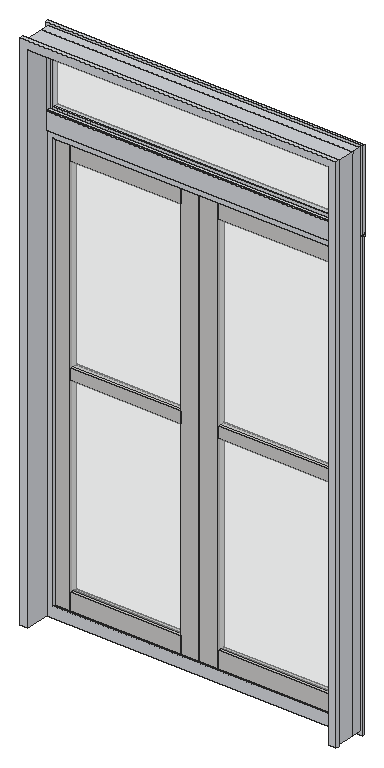
Revit family "APL Residential Thermal Heart French Door with Overlight Open Out", category Doors, host Wall, Revit 2017 (continued)
Definition of nested family "APL Residential Thermal Heart French Door with Overlight Open Out Vertical Section"
  Definition of nested family "Overlight Open Out Detail"
    Definition of nested family "65190_Coupling Bar"
      Lines and regions (mm)
        model lines, in view "Ref. Level"
          curve 266: line (0.154, 55.771, 0) -> (2.1, 53.435, 0)
          curve 267: line (2.484, 53.255, 0) -> (3.3, 53.255, 0)
          curve 268: line (3.5, 53.455, 0) -> (3.5, 53.705, 0)
          curve 269: line (3.309, 54.269, 0) -> (2.544, 55.523, 0)
          curve 270: line (2.544, 55.523, 0) -> (2.5, 56.2, 0)
          curve 271: line (2.75, 56.394, 0) -> (3.5, 56.2, 0)
          curve 272: line (3.475, 56.207, 0) -> (6.753, 56.2, 0)
          curve 273: arc (6.753, 56.2, 0) -> (6.875, 56.227, 0) -> (6.976, 56.3, 0) r 0.3
          curve 274: arc (6.976, 56.3, 0) -> (7.307, 56.381, 0) -> (7.5, 56.1, 0) r 0.3
          curve 275: arc (3.4, 41.4, 0) -> (3.117, 41.518, 0) -> (3, 41.8, 0) r 0.4
          curve 276: arc (3, 42.093, 0) -> (3.014, 42.197, 0) -> (3.054, 42.293, 0) r 0.4
          curve 277: arc (3.938, 43.821, 0) -> (4.059, 44.111, 0) -> (4.1, 44.423, 0) r 1.2
          curve 278: arc (4.1, 45.345, 0) -> (4.281, 45.919, 0) -> (4.758, 46.285, 0) r 1
          curve 279: arc (6.937, 47.078, 0) -> (7.128, 47.224, 0) -> (7.2, 47.454, 0) r 0.4
          curve 280: arc (7.2, 50.147, 0) -> (7.128, 50.377, 0) -> (6.937, 50.523, 0) r 0.4
          curve 281: arc (4.758, 51.316, 0) -> (4.281, 51.682, 0) -> (4.1, 52.256, 0) r 1
          curve 282: arc (4.1, 53.178, 0) -> (4.059, 53.489, 0) -> (3.938, 53.779, 0) r 1.2
          curve 283: arc (3.054, 55.307, 0) -> (3.014, 55.404, 0) -> (3, 55.508, 0) r 0.4
          curve 284: arc (3, 55.8, 0) -> (3.117, 56.083, 0) -> (3.4, 56.2, 0) r 0.4
          curve 285: arc (6.8, 56.2, 0) -> (7.083, 56.083, 0) -> (7.2, 55.8, 0) r 0.4
          curve 286: arc (7.2, 55.508, 0) -> (7.186, 55.404, 0) -> (7.146, 55.307, 0) r 0.4
          curve 287: arc (6.261, 53.779, 0) -> (6.14, 53.485, 0) -> (6.1, 53.17, 0) r 1.2
          curve 288: arc (6.1, 53.17, 0) -> (6.153, 52.996, 0) -> (6.297, 52.884, 0) r 0.3
          curve 289: arc (8.737, 51.996, 0) -> (8.928, 51.85, 0) -> (9, 51.62, 0) r 0.4
          curve 290: arc (9, 45.98, 0) -> (8.928, 45.751, 0) -> (8.737, 45.605, 0) r 0.4
          curve 291: arc (6.297, 44.717, 0) -> (6.153, 44.605, 0) -> (6.1, 44.431, 0) r 0.3
          curve 292: arc (6.1, 44.431, 0) -> (6.14, 44.115, 0) -> (6.261, 43.821, 0) r 1.2
          curve 293: arc (7.146, 42.293, 0) -> (7.186, 42.197, 0) -> (7.2, 42.093, 0) r 0.4
          curve 294: arc (7.2, 41.8, 0) -> (7.083, 41.518, 0) -> (6.8, 41.4, 0) r 0.4
          curve 295: line (3, 41.8, 0) -> (3, 42.093, 0)
          curve 296: line (3.054, 42.293, 0) -> (3.938, 43.821, 0)
          curve 297: line (4.1, 44.423, 0) -> (4.1, 45.345, 0)
          curve 298: line (4.758, 46.285, 0) -> (6.937, 47.078, 0)
          curve 299: line (7.2, 47.454, 0) -> (7.2, 50.147, 0)
          curve 300: line (6.937, 50.523, 0) -> (4.758, 51.316, 0)
          curve 301: line (4.1, 52.256, 0) -> (4.1, 53.178, 0)
          curve 302: line (3.938, 53.779, 0) -> (3.054, 55.307, 0)
          curve 303: line (3, 55.508, 0) -> (3, 55.8, 0)
          curve 304: line (3.4, 56.2, 0) -> (6.8, 56.2, 0)
          curve 305: line (7.2, 55.8, 0) -> (7.2, 55.508, 0)
          curve 306: line (7.146, 55.307, 0) -> (6.261, 53.779, 0)
          curve 307: line (6.297, 52.884, 0) -> (8.737, 51.996, 0)
          curve 308: line (9, 51.62, 0) -> (9, 45.98, 0)
          curve 309: line (8.737, 45.605, 0) -> (6.297, 44.717, 0)
          curve 310: line (6.261, 43.821, 0) -> (7.146, 42.293, 0)
          curve 311: line (7.2, 42.093, 0) -> (7.2, 41.8, 0)
          curve 312: line (6.8, 41.4, 0) -> (3.4, 41.4, 0)
      Text (mm)
        text "05190" at (19.368, 96.122, 0), in view "Ref. Level"
    Definition of nested family "65180_Sidelight Frame"
      Reference planes
        plane 1 "Center (Front/Back)": y = 0
        plane 2: z = 0
        plane 3 "Center (Left/Right)": x = 0
      Lines and regions (mm)
        model lines, in view "Ref. Level"
          curve 1: arc (13.922, -26.595, 0) -> (14.008, -26.535, 0) -> (14.108, -26.508, 0) r 0.3
          curve 2: arc (16.474, -26.301, 0) -> (16.738, -26.417, 0) -> (16.782, -26.703, 0) r 0.3
          curve 3: arc (16.268, -28.113, 0) -> (16.181, -28.239, 0) -> (16.043, -28.305, 0) r 0.3
          curve 4: arc (16.043, -28.305, 0) -> (15.801, -28.578, 0) -> (16, -28.883, 0) r 0.3
          curve 5: arc (16, -33, 0) -> (15.941, -33.141, 0) -> (15.8, -33.2, 0) r 0.2
          curve 6: arc (15.5, -33.2, 0) -> (15.2, -33.12, 0) -> (14.98, -32.9, 0) r 0.6
          curve 7: arc (14.345, -31.8, 0) -> (14.272, -31.727, 0) -> (14.172, -31.7, 0) r 0.2
          curve 8: arc (-2.699, -31.7, 0) -> (-3.407, -31.993, 0) -> (-3.7, -32.7, 0) r 1
          curve 9: arc (-3.7, -34.764, 0) -> (-3.662, -34.956, 0) -> (-3.554, -35.118, 0) r 0.5
          curve 10: arc (1.791, -40.463, 0) -> (2.1, -40.673, 0) -> (2.463, -40.755, 0) r 1
          curve 11: arc (14.935, -41.178, 0) -> (15.052, -41.143, 0) -> (15.127, -41.047, 0) r 0.2
          curve 12: arc (15.127, -41.047, 0) -> (15.234, -40.879, 0) -> (15.403, -40.775, 0) r 0.45
          curve 13: arc (15.403, -40.775, 0) -> (15.522, -40.771, 0) -> (15.621, -40.835, 0) r 0.2
          curve 14: arc (16, -42.3, 0) -> (15.941, -42.441, 0) -> (15.8, -42.5, 0) r 0.2
          curve 15: arc (2.243, -42.5, 0) -> (1.095, -42.272, 0) -> (0.121, -41.621, 0) r 3
          curve 16: arc (-4.121, -37.379, 0) -> (-5.095, -36.728, 0) -> (-6.243, -36.5, 0) r 3
          curve 17: arc (-19, -36.5, 0) -> (-19.707, -36.207, 0) -> (-20, -35.5, 0) r 1
          curve 18: arc (-20, -29.708, 0) -> (-19.944, -29.561, 0) -> (-19.8, -29.5, 0) r 0.2
          curve 19: arc (-19, -29.5, 0) -> (-18.859, -29.559, 0) -> (-18.8, -29.7, 0) r 0.2
          curve 20: arc (-18.8, -29.995, 0) -> (-18.547, -30.43, 0) -> (-18.044, -30.424, 0) r 0.5
          curve 21: arc (-18.044, -30.424, 0) -> (-16.297, -30.007, 0) -> (-14.624, -30.663, 0) r 3
          curve 22: arc (-14.624, -30.663, 0) -> (-14.512, -31.7, 0) -> (-15.549, -31.812, 0) r 0.737
          curve 23: arc (-15.549, -31.812, 0) -> (-16.505, -31.475, 0) -> (-17.461, -31.812, 0) r 1.525
          curve 24: arc (-17.461, -31.812, 0) -> (-17.612, -31.906, 0) -> (-17.78, -31.961, 0) r 0.737
          curve 25: arc (-17.78, -31.961, 0) -> (-17.992, -32.058, 0) -> (-18.137, -32.24, 0) r 0.5
          curve 26: arc (-18.137, -32.24, 0) -> (-18.305, -33, 0) -> (-18.136, -33.76, 0) r 1.8
          curve 27: arc (-18.136, -33.76, 0) -> (-17.992, -33.942, 0) -> (-17.781, -34.039, 0) r 0.5
          curve 28: arc (-17.781, -34.039, 0) -> (-17.613, -34.094, 0) -> (-17.462, -34.187, 0) r 0.75
          curve 29: arc (-17.462, -34.187, 0) -> (-16.505, -34.525, 0) -> (-15.548, -34.187, 0) r 1.525
          curve 30: arc (-15.548, -34.187, 0) -> (-14.677, -34.143, 0) -> (-14.353, -34.952, 0) r 0.75
          curve 31: arc (-14.353, -34.952, 0) -> (-14.316, -35.123, 0) -> (-14.159, -35.2, 0) r 0.2
          curve 32: arc (-6.7, -35.2, 0) -> (-6.346, -35.053, 0) -> (-6.2, -34.7, 0) r 0.5
          curve 33: arc (-6.2, -32.7, 0) -> (-5.175, -30.225, 0) -> (-2.7, -29.2, 0) r 3.5
          curve 34: arc (-0.2, -29.2, 0) -> (-0.059, -29.141, 0) -> (0, -29, 0) r 0.2
          curve 35: arc (0, -28.883, 0) -> (0.199, -28.578, 0) -> (-0.043, -28.305, 0) r 0.3
          curve 36: arc (-0.043, -28.305, 0) -> (-0.181, -28.239, 0) -> (-0.268, -28.113, 0) r 0.3
          curve 37: arc (-0.782, -26.703, 0) -> (-0.738, -26.417, 0) -> (-0.474, -26.301, 0) r 0.3
          curve 38: arc (1.892, -26.508, 0) -> (1.992, -26.535, 0) -> (2.078, -26.595, 0) r 0.3
          curve 39: arc (2.441, -26.959, 0) -> (2.493, -27.152, 0) -> (2.352, -27.293, 0) r 0.2
          curve 40: arc (2.184, -27.338, 0) -> (2.095, -27.39, 0) -> (2.043, -27.479, 0) r 0.2
          curve 41: arc (1.5, -29.7, 0) -> (1.693, -29.98, 0) -> (2.024, -29.9, 0) r 0.3
          curve 42: arc (2.024, -29.9, 0) -> (2.125, -29.826, 0) -> (2.247, -29.8, 0) r 0.3
          curve 43: arc (6.25, -29.994, 0) -> (6.422, -29.958, 0) -> (6.5, -29.8, 0) r 0.2
          curve 44: arc (6.5, -29.279, 0) -> (6.489, -29.198, 0) -> (6.456, -29.123, 0) r 0.3
          curve 45: arc (5.691, -27.869, 0) -> (5.521, -27.872, 0) -> (5.389, -27.766, 0) r 0.25
          curve 46: arc (5.337, -27.68, 0) -> (5.332, -27.428, 0) -> (5.55, -27.3, 0) r 0.25
          curve 47: arc (7.125, -27.3, 0) -> (7.522, -27.382, 0) -> (7.854, -27.615, 0) r 1
          curve 48: arc (7.854, -27.615, 0) -> (8, -27.678, 0) -> (8.146, -27.615, 0) r 0.2
          curve 49: arc (8.146, -27.615, 0) -> (8.477, -27.382, 0) -> (8.874, -27.3, 0) r 1
          curve 50: arc (10.45, -27.3, 0) -> (10.668, -27.427, 0) -> (10.663, -27.68, 0) r 0.25
          curve 51: arc (10.611, -27.766, 0) -> (10.479, -27.872, 0) -> (10.309, -27.869, 0) r 0.25
          curve 52: arc (9.544, -29.123, 0) -> (9.511, -29.198, 0) -> (9.5, -29.279, 0) r 0.3
          curve 53: arc (9.5, -29.8, 0) -> (9.578, -29.958, 0) -> (9.75, -29.994, 0) r 0.2
          curve 54: arc (13.753, -29.8, 0) -> (13.875, -29.826, 0) -> (13.976, -29.9, 0) r 0.3
          curve 55: arc (13.976, -29.9, 0) -> (14.307, -29.98, 0) -> (14.5, -29.7, 0) r 0.3
          curve 56: arc (13.957, -27.479, 0) -> (13.905, -27.39, 0) -> (13.816, -27.338, 0) r 0.2
          curve 57: arc (13.648, -27.293, 0) -> (13.507, -27.152, 0) -> (13.559, -26.959, 0) r 0.2
          curve 58: line (14.108, -26.508, 0) -> (16.474, -26.301, 0)
          curve 59: line (16.782, -26.703, 0) -> (16.268, -28.113, 0)
          curve 60: line (16, -28.883, 0) -> (16, -33, 0)
          curve 61: line (15.8, -33.2, 0) -> (15.5, -33.2, 0)
          curve 62: line (14.98, -32.9, 0) -> (14.345, -31.8, 0)
          curve 63: line (14.172, -31.7, 0) -> (-2.699, -31.7, 0)
          curve 64: line (-3.7, -32.7, 0) -> (-3.7, -34.764, 0)
          curve 65: line (-3.554, -35.118, 0) -> (1.791, -40.463, 0)
          curve 66: line (2.463, -40.755, 0) -> (14, -41.158, 0)
          curve 67: line (14, -41.158, 0) -> (14.935, -41.178, 0)
          curve 68: line (15.621, -40.835, 0) -> (15.953, -41.231, 0)
          curve 69: line (15.953, -41.231, 0) -> (16, -42.3, 0)
          curve 70: line (15.8, -42.5, 0) -> (2.243, -42.5, 0)
          curve 71: line (0.121, -41.621, 0) -> (-4.121, -37.379, 0)
          curve 72: line (-6.243, -36.5, 0) -> (-19, -36.5, 0)
          curve 73: line (-20, -35.5, 0) -> (-20, -29.708, 0)
          curve 74: line (-19.8, -29.5, 0) -> (-19, -29.5, 0)
          curve 75: line (-18.8, -29.7, 0) -> (-18.8, -29.995, 0)
          curve 76: line (-14.159, -35.2, 0) -> (-6.7, -35.2, 0)
          curve 77: line (-6.2, -34.7, 0) -> (-6.2, -32.7, 0)
          curve 78: line (-2.7, -29.2, 0) -> (-0.2, -29.2, 0)
          curve 79: line (-0.268, -28.113, 0) -> (-0.782, -26.703, 0)
          curve 80: line (-0.474, -26.301, 0) -> (1.892, -26.508, 0)
          curve 81: line (2.078, -26.595, 0) -> (2.441, -26.959, 0)
          curve 82: line (2.352, -27.293, 0) -> (2.184, -27.338, 0)
          curve 83: line (2.184, -27.338, 0) -> (1.51, -29.468, 0)
          curve 84: line (1.51, -29.468, 0) -> (1.5, -29.7, 0)
          curve 85: line (2.247, -29.8, 0) -> (5.475, -29.8, 0)
          curve 86: line (5.475, -29.8, 0) -> (6.25, -29.994, 0)
          curve 87: line (6.5, -29.8, 0) -> (6.5, -29.279, 0)
          curve 88: line (6.5, -29.279, 0) -> (5.691, -27.869, 0)
          curve 89: line (5.55, -27.3, 0) -> (7.125, -27.3, 0)
          curve 90: line (8.874, -27.3, 0) -> (10.45, -27.3, 0)
          curve 91: line (10.309, -27.869, 0) -> (9.544, -29.123, 0)
          curve 92: line (9.544, -29.123, 0) -> (9.5, -29.8, 0)
          curve 93: line (9.75, -29.994, 0) -> (10.5, -29.8, 0)
          curve 94: line (10.475, -29.806, 0) -> (13.753, -29.8, 0)
          curve 95: line (14.5, -29.546, 0) -> (13.957, -27.479, 0)
          curve 96: line (13.957, -27.479, 0) -> (13.648, -27.293, 0)
          curve 97: line (13.559, -26.959, 0) -> (13.922, -26.595, 0)
          curve 98: arc (5.6, -29.8, 0) -> (5.883, -29.683, 0) -> (6, -29.4, 0) r 0.4
          curve 99: arc (6, -29.107, 0) -> (5.986, -29.004, 0) -> (5.946, -28.907, 0) r 0.4
          curve 100: arc (5.061, -27.379, 0) -> (4.941, -27.089, 0) -> (4.9, -26.778, 0) r 1.2
          curve 101: arc (4.9, -25.855, 0) -> (4.719, -25.282, 0) -> (4.242, -24.916, 0) r 1
          curve 102: arc (2.063, -24.123, 0) -> (1.872, -23.976, 0) -> (1.8, -23.747, 0) r 0.4
          curve 103: arc (1.8, -21.053, 0) -> (1.872, -20.824, 0) -> (2.063, -20.677, 0) r 0.4
          curve 104: arc (4.242, -19.884, 0) -> (4.719, -19.518, 0) -> (4.9, -18.945, 0) r 1
          curve 105: arc (4.9, -18.022, 0) -> (4.941, -17.711, 0) -> (5.061, -17.421, 0) r 1.2
          curve 106: arc (5.946, -15.893, 0) -> (5.986, -15.796, 0) -> (6, -15.693, 0) r 0.4
          curve 107: arc (6, -15.4, 0) -> (5.883, -15.117, 0) -> (5.6, -15, 0) r 0.4
          curve 108: arc (2.2, -15, 0) -> (1.917, -15.117, 0) -> (1.8, -15.4, 0) r 0.4
          curve 109: arc (1.8, -15.693, 0) -> (1.814, -15.796, 0) -> (1.854, -15.893, 0) r 0.4
          curve 110: arc (2.739, -17.421, 0) -> (2.86, -17.715, 0) -> (2.9, -18.03, 0) r 1.2
          curve 111: arc (2.9, -18.03, 0) -> (2.847, -18.205, 0) -> (2.703, -18.316, 0) r 0.3
          curve 112: arc (0.263, -19.204, 0) -> (0.072, -19.351, 0) -> (0, -19.58, 0) r 0.4
          curve 113: arc (0, -25.22, 0) -> (0.072, -25.449, 0) -> (0.263, -25.596, 0) r 0.4
          curve 114: arc (2.703, -26.484, 0) -> (2.847, -26.595, 0) -> (2.9, -26.77, 0) r 0.3
          curve 115: arc (2.9, -26.77, 0) -> (2.86, -27.085, 0) -> (2.739, -27.379, 0) r 1.2
          curve 116: arc (1.854, -28.907, 0) -> (1.814, -29.004, 0) -> (1.8, -29.107, 0) r 0.4
          curve 117: arc (1.8, -29.4, 0) -> (1.917, -29.683, 0) -> (2.2, -29.8, 0) r 0.4
          curve 118: line (6, -29.4, 0) -> (6, -29.107, 0)
          curve 119: line (5.946, -28.907, 0) -> (5.061, -27.379, 0)
          curve 120: line (4.9, -26.778, 0) -> (4.9, -25.855, 0)
          curve 121: line (4.242, -24.916, 0) -> (2.063, -24.123, 0)
          curve 122: line (1.8, -23.747, 0) -> (1.8, -21.053, 0)
          curve 123: line (2.063, -20.677, 0) -> (4.242, -19.884, 0)
          curve 124: line (4.9, -18.945, 0) -> (4.9, -18.022, 0)
          curve 125: line (5.061, -17.421, 0) -> (5.946, -15.893, 0)
          curve 126: line (6, -15.693, 0) -> (6, -15.4, 0)
          curve 127: line (5.6, -15, 0) -> (2.2, -15, 0)
          curve 128: line (1.8, -15.4, 0) -> (1.8, -15.693, 0)
          curve 129: line (1.854, -15.893, 0) -> (2.739, -17.421, 0)
          curve 130: line (2.703, -18.316, 0) -> (0.263, -19.204, 0)
          curve 131: line (0, -19.58, 0) -> (0, -25.22, 0)
          curve 132: line (0.263, -25.596, 0) -> (2.703, -26.484, 0)
          curve 133: line (2.739, -27.379, 0) -> (1.854, -28.907, 0)
          curve 134: line (1.8, -29.107, 0) -> (1.8, -29.4, 0)
          curve 135: line (2.2, -29.8, 0) -> (5.6, -29.8, 0)
          curve 136: arc (10.4, -29.8, 0) -> (10.117, -29.683, 0) -> (10, -29.4, 0) r 0.4
          curve 137: arc (10, -29.107, 0) -> (10.014, -29.004, 0) -> (10.054, -28.907, 0) r 0.4
          curve 138: arc (10.939, -27.379, 0) -> (11.059, -27.089, 0) -> (11.1, -26.778, 0) r 1.2
          curve 139: arc (11.1, -25.855, 0) -> (11.281, -25.282, 0) -> (11.758, -24.916, 0) r 1
          curve 140: arc (13.937, -24.123, 0) -> (14.128, -23.976, 0) -> (14.2, -23.747, 0) r 0.4
          curve 141: arc (14.2, -21.053, 0) -> (14.128, -20.824, 0) -> (13.937, -20.677, 0) r 0.4
          curve 142: arc (11.758, -19.884, 0) -> (11.281, -19.518, 0) -> (11.1, -18.945, 0) r 1
          curve 143: arc (11.1, -18.022, 0) -> (11.059, -17.711, 0) -> (10.939, -17.421, 0) r 1.2
          curve 144: arc (10.054, -15.893, 0) -> (10.014, -15.796, 0) -> (10, -15.693, 0) r 0.4
          curve 145: arc (10, -15.4, 0) -> (10.117, -15.117, 0) -> (10.4, -15, 0) r 0.4
          curve 146: arc (13.8, -15, 0) -> (14.083, -15.117, 0) -> (14.2, -15.4, 0) r 0.4
          curve 147: arc (14.2, -15.693, 0) -> (14.186, -15.796, 0) -> (14.146, -15.893, 0) r 0.4
          curve 148: arc (13.261, -17.421, 0) -> (13.14, -17.715, 0) -> (13.1, -18.03, 0) r 1.2
          curve 149: arc (13.1, -18.03, 0) -> (13.153, -18.205, 0) -> (13.297, -18.316, 0) r 0.3
          curve 150: arc (15.737, -19.204, 0) -> (15.928, -19.351, 0) -> (16, -19.58, 0) r 0.4
          curve 151: arc (16, -25.22, 0) -> (15.928, -25.449, 0) -> (15.737, -25.596, 0) r 0.4
          curve 152: arc (13.297, -26.484, 0) -> (13.153, -26.595, 0) -> (13.1, -26.77, 0) r 0.3
          curve 153: arc (13.1, -26.77, 0) -> (13.14, -27.085, 0) -> (13.261, -27.379, 0) r 1.2
          curve 154: arc (14.146, -28.907, 0) -> (14.186, -29.004, 0) -> (14.2, -29.107, 0) r 0.4
          curve 155: arc (14.2, -29.4, 0) -> (14.083, -29.683, 0) -> (13.8, -29.8, 0) r 0.4
          curve 156: line (10, -29.4, 0) -> (10, -29.107, 0)
          curve 157: line (10.054, -28.907, 0) -> (10.939, -27.379, 0)
          curve 158: line (11.1, -26.778, 0) -> (11.1, -25.855, 0)
          curve 159: line (11.758, -24.916, 0) -> (13.937, -24.123, 0)
          curve 160: line (14.2, -23.747, 0) -> (14.2, -21.053, 0)
          curve 161: line (13.937, -20.677, 0) -> (11.758, -19.884, 0)
          curve 162: line (11.1, -18.945, 0) -> (11.1, -18.022, 0)
          curve 163: line (10.939, -17.421, 0) -> (10.054, -15.893, 0)
          curve 164: line (10, -15.693, 0) -> (10, -15.4, 0)
          curve 165: line (10.4, -15, 0) -> (13.8, -15, 0)
          curve 166: line (14.2, -15.4, 0) -> (14.2, -15.693, 0)
          curve 167: line (14.146, -15.893, 0) -> (13.261, -17.421, 0)
          curve 168: line (13.297, -18.316, 0) -> (15.737, -19.204, 0)
          curve 169: line (16, -19.58, 0) -> (16, -25.22, 0)
          curve 170: line (15.737, -25.596, 0) -> (13.297, -26.484, 0)
          curve 171: line (13.261, -27.379, 0) -> (14.146, -28.907, 0)
          curve 172: line (14.2, -29.107, 0) -> (14.2, -29.4, 0)
          curve 173: line (13.8, -29.8, 0) -> (10.4, -29.8, 0)
          curve 174: arc (20.188, 16.327, 0) -> (20.255, 16.451, 0) -> (20.387, 16.5, 0) r 0.2
          curve 175: arc (20.7, 16.5, 0) -> (20.841, 16.559, 0) -> (20.9, 16.7, 0) r 0.2
          curve 176: arc (20.9, 20, 0) -> (21.4, 20.5, 0) -> (21.9, 20, 0) r 0.5
          curve 177: arc (21.9, 16.5, 0) -> (21.349, 14.768, 0) -> (19.9, 13.672, 0) r 3
          curve 178: arc (19.9, 13.672, 0) -> (18.451, 12.575, 0) -> (17.9, 10.843, 0) r 3
          curve 179: arc (17.9, 6.583, 0) -> (18.701, 4.543, 0) -> (20.676, 3.592, 0) r 3
          curve 180: arc (34.8, 3.5, 0) -> (34.941, 3.441, 0) -> (35, 3.3, 0) r 0.2
          curve 181: arc (35, 0.2, 0) -> (34.941, 0.059, 0) -> (34.8, 0, 0) r 0.2
          curve 182: arc (33.25, 0, 0) -> (32.749, 0.499, 0) -> (33.249, 1, 0) r 0.5
          curve 183: arc (29.249, 1, 0) -> (29.749, 0.5, 0) -> (29.249, 0, 0) r 0.5
          curve 184: arc (28.5, 0, 0) -> (27.793, 0.293, 0) -> (27.5, 1, 0) r 1
          curve 185: arc (27.5, 1.9, 0) -> (27.441, 2.041, 0) -> (27.3, 2.1, 0) r 0.2
          curve 186: arc (16.2, 2.1, 0) -> (16.059, 2.041, 0) -> (16, 1.9, 0) r 0.2
          curve 187: arc (16, -15.917, 0) -> (15.801, -16.222, 0) -> (16.043, -16.495, 0) r 0.3
          curve 188: arc (16.043, -16.495, 0) -> (16.181, -16.561, 0) -> (16.268, -16.687, 0) r 0.3
          curve 189: arc (16.782, -18.097, 0) -> (16.738, -18.383, 0) -> (16.474, -18.499, 0) r 0.3
          curve 190: arc (14.108, -18.292, 0) -> (14.008, -18.265, 0) -> (13.922, -18.205, 0) r 0.3
          curve 191: arc (13.559, -17.841, 0) -> (13.507, -17.648, 0) -> (13.648, -17.507, 0) r 0.2
          curve 192: arc (13.816, -17.462, 0) -> (13.905, -17.41, 0) -> (13.957, -17.321, 0) r 0.2
          curve 193: arc (14.5, -15.1, 0) -> (14.307, -14.82, 0) -> (13.976, -14.9, 0) r 0.3
          curve 194: arc (13.976, -14.9, 0) -> (13.875, -14.974, 0) -> (13.753, -15, 0) r 0.3
          curve 195: arc (9.75, -14.806, 0) -> (9.578, -14.842, 0) -> (9.5, -15, 0) r 0.2
          curve 196: arc (9.5, -15.521, 0) -> (9.511, -15.602, 0) -> (9.544, -15.677, 0) r 0.3
          curve 197: arc (10.309, -16.931, 0) -> (10.479, -16.928, 0) -> (10.611, -17.034, 0) r 0.25
          curve 198: arc (10.663, -17.12, 0) -> (10.668, -17.372, 0) -> (10.45, -17.5, 0) r 0.25
          curve 199: arc (8.874, -17.5, 0) -> (8.477, -17.418, 0) -> (8.146, -17.185, 0) r 1
          curve 200: arc (8.146, -17.185, 0) -> (8, -17.122, 0) -> (7.854, -17.185, 0) r 0.2
          curve 201: arc (7.854, -17.185, 0) -> (7.523, -17.418, 0) -> (7.126, -17.5, 0) r 1
          curve 202: arc (5.55, -17.5, 0) -> (5.332, -17.372, 0) -> (5.337, -17.12, 0) r 0.25
          curve 203: arc (5.389, -17.034, 0) -> (5.521, -16.928, 0) -> (5.691, -16.931, 0) r 0.25
          curve 204: arc (6.456, -15.677, 0) -> (6.489, -15.602, 0) -> (6.5, -15.521, 0) r 0.3
          curve 205: arc (6.5, -15, 0) -> (6.422, -14.842, 0) -> (6.25, -14.806, 0) r 0.2
          curve 206: arc (2.247, -15, 0) -> (2.125, -14.974, 0) -> (2.024, -14.9, 0) r 0.3
          curve 207: arc (2.024, -14.9, 0) -> (1.693, -14.82, 0) -> (1.5, -15.1, 0) r 0.3
          curve 208: arc (2.043, -17.321, 0) -> (2.095, -17.41, 0) -> (2.184, -17.462, 0) r 0.2
          curve 209: arc (2.352, -17.507, 0) -> (2.493, -17.648, 0) -> (2.441, -17.841, 0) r 0.2
          curve 210: arc (2.078, -18.205, 0) -> (1.992, -18.265, 0) -> (1.892, -18.292, 0) r 0.3
          curve 211: arc (-0.474, -18.499, 0) -> (-0.738, -18.383, 0) -> (-0.782, -18.097, 0) r 0.3
          curve 212: arc (-0.268, -16.687, 0) -> (-0.181, -16.561, 0) -> (-0.043, -16.495, 0) r 0.3
          curve 213: arc (-0.043, -16.495, 0) -> (0.199, -16.222, 0) -> (0, -15.917, 0) r 0.3
          curve 214: arc (0, -14.1, 0) -> (0.293, -13.393, 0) -> (1, -13.1, 0) r 1
          curve 215: arc (13.8, -13.1, 0) -> (13.941, -13.041, 0) -> (14, -12.9, 0) r 0.2
          curve 216: arc (14, -4.691, 0) -> (13.854, -4.337, 0) -> (13.5, -4.191, 0) r 0.5
          curve 217: arc (10.076, -4.191, 0) -> (9.722, -4.044, 0) -> (9.575, -3.691, 0) r 0.501
          curve 218: arc (9.575, 3, 0) -> (9.634, 3.141, 0) -> (9.775, 3.2, 0) r 0.2
          curve 219: arc (10.775, 3.2, 0) -> (10.916, 3.141, 0) -> (10.975, 3, 0) r 0.2
          curve 220: arc (10.975, 1.817, 0) -> (11.068, 1.527, 0) -> (11.311, 1.345, 0) r 0.5
          curve 221: arc (11.311, 1.345, 0) -> (11.841, 0.791, 0) -> (11.698, 0.038, 0) r 0.837
          curve 222: arc (11.698, 0.038, 0) -> (11.375, -0.9, 0) -> (11.698, -1.838, 0) r 1.525
          curve 223: arc (11.698, -1.838, 0) -> (11.797, -2, 0) -> (11.857, -2.18, 0) r 0.837
          curve 224: arc (11.857, -2.18, 0) -> (11.954, -2.386, 0) -> (12.133, -2.528, 0) r 0.5
          curve 225: arc (12.133, -2.528, 0) -> (12.9, -2.7, 0) -> (13.667, -2.528, 0) r 1.8
          curve 226: arc (13.667, -2.528, 0) -> (13.846, -2.386, 0) -> (13.943, -2.18, 0) r 0.5
          curve 227: arc (13.943, -2.18, 0) -> (14.003, -2, 0) -> (14.102, -1.838, 0) r 0.837
          curve 228: arc (14.102, -1.838, 0) -> (14.425, -0.9, 0) -> (14.102, 0.038, 0) r 1.525
          curve 229: arc (14.102, 0.038, 0) -> (13.936, 0.688, 0) -> (14.3, 1.252, 0) r 0.837
          curve 230: arc (14.3, 1.9, 0) -> (14.794, 3.178, 0) -> (16.019, 3.791, 0) r 1.9
          curve 231: arc (16.019, 3.791, 0) -> (16.148, 3.856, 0) -> (16.2, 3.99, 0) r 0.2
          curve 232: arc (16.2, 11.8, 0) -> (16.141, 11.941, 0) -> (16, 12, 0) r 0.2
          curve 233: arc (15.2, 12, 0) -> (14.7, 12.5, 0) -> (15.2, 13, 0) r 0.5
          curve 234: arc (16, 13, 0) -> (16.141, 13.059, 0) -> (16.2, 13.2, 0) r 0.2
          curve 235: arc (16.2, 14.8, 0) -> (16.141, 14.941, 0) -> (16, 15, 0) r 0.2
          curve 236: arc (11.266, 15, 0) -> (11.15, 14.963, 0) -> (11.077, 14.867, 0) r 0.2
          curve 237: arc (11.077, 14.867, 0) -> (10.7, 14.6, 0) -> (10.323, 14.867, 0) r 0.4
          curve 238: arc (10.323, 14.867, 0) -> (10.25, 14.963, 0) -> (10.134, 15, 0) r 0.2
          curve 239: arc (5.4, 15, 0) -> (5.259, 14.941, 0) -> (5.2, 14.8, 0) r 0.2
          curve 240: arc (5.2, 13.2, 0) -> (5.259, 13.059, 0) -> (5.4, 13, 0) r 0.2
          curve 241: arc (6.2, 13, 0) -> (6.7, 12.5, 0) -> (6.2, 12, 0) r 0.5
          curve 242: arc (5.2, 12, 0) -> (4.493, 12.293, 0) -> (4.2, 13, 0) r 1
          curve 243: arc (4.2, 14.8, 0) -> (4.141, 14.941, 0) -> (4, 15, 0) r 0.2
          curve 244: arc (1, 15, 0) -> (0.293, 15.293, 0) -> (0, 16, 0) r 1
          curve 245: arc (0, 26.5, 0) -> (0.7, 27.2, 0) -> (1.4, 26.5, 0) r 0.7
          curve 246: arc (1.4, 16.7, 0) -> (1.459, 16.559, 0) -> (1.6, 16.5, 0) r 0.2
          curve 247: line (20.387, 16.5, 0) -> (20.7, 16.5, 0)
          curve 248: line (20.9, 16.7, 0) -> (20.9, 20, 0)
          curve 249: line (21.9, 20, 0) -> (21.9, 16.5, 0)
          curve 250: line (17.9, 10.843, 0) -> (17.9, 6.583, 0)
          curve 251: line (20.676, 3.592, 0) -> (21.9, 3.5, 0)
          curve 252: line (21.9, 3.5, 0) -> (34.8, 3.5, 0)
          curve 253: line (35, 3.3, 0) -> (35, 0.2, 0)
          curve 254: line (34.8, 0, 0) -> (33.25, 0, 0)
          curve 255: line (33.249, 1, 0) -> (34, 1, 0)
          curve 256: line (34, 1, 0) -> (34, 2.5, 0)
          curve 257: line (34, 2.5, 0) -> (28.5, 2.5, 0)
          curve 258: line (28.5, 2.5, 0) -> (28.5, 1, 0)
          curve 259: line (28.5, 1, 0) -> (29.249, 1, 0)
          curve 260: line (29.249, 0, 0) -> (28.5, 0, 0)
          curve 261: line (27.5, 1, 0) -> (27.5, 1.9, 0)
          curve 262: line (27.3, 2.1, 0) -> (16.2, 2.1, 0)
          curve 263: line (16, 1.9, 0) -> (16, -8.2, 0)
          curve 264: line (16, -8.2, 0) -> (15.6, -8.6, 0)
          curve 265: line (15.6, -8.6, 0) -> (16, -9, 0)
          curve 266: line (16, -9, 0) -> (16, -15.917, 0)
          curve 267: line (16.268, -16.687, 0) -> (16.782, -18.097, 0)
          curve 268: line (16.474, -18.499, 0) -> (14.108, -18.292, 0)
          curve 269: line (13.922, -18.205, 0) -> (13.559, -17.841, 0)
          curve 270: line (13.648, -17.507, 0) -> (13.816, -17.462, 0)
          curve 271: line (13.816, -17.462, 0) -> (14.49, -15.332, 0)
          curve 272: line (14.49, -15.332, 0) -> (14.5, -15.1, 0)
          curve 273: line (13.753, -15, 0) -> (10.525, -15, 0)
          curve 274: line (10.525, -15, 0) -> (9.75, -14.806, 0)
          curve 275: line (9.5, -15, 0) -> (9.5, -15.521, 0)
          curve 276: line (9.5, -15.521, 0) -> (10.309, -16.931, 0)
          curve 277: line (10.45, -17.5, 0) -> (8.874, -17.5, 0)
          curve 278: line (7.126, -17.5, 0) -> (5.55, -17.5, 0)
          curve 279: line (5.691, -16.931, 0) -> (6.456, -15.677, 0)
          curve 280: line (6.456, -15.677, 0) -> (6.5, -15, 0)
          curve 281: line (6.25, -14.806, 0) -> (5.525, -14.994, 0)
          curve 282: line (5.525, -14.994, 0) -> (2.247, -15, 0)
          curve 283: line (1.5, -15.254, 0) -> (2.043, -17.321, 0)
          curve 284: line (2.043, -17.321, 0) -> (2.352, -17.507, 0)
          curve 285: line (2.441, -17.841, 0) -> (2.078, -18.205, 0)
          curve 286: line (1.892, -18.292, 0) -> (-0.474, -18.499, 0)
          curve 287: line (-0.782, -18.097, 0) -> (-0.268, -16.687, 0)
          curve 288: line (0, -15.917, 0) -> (0, -14.1, 0)
          curve 289: line (1, -13.1, 0) -> (13.8, -13.1, 0)
          curve 290: line (14, -12.9, 0) -> (14, -4.691, 0)
          curve 291: line (13.5, -4.191, 0) -> (10.076, -4.191, 0)
          curve 292: line (9.575, -3.691, 0) -> (9.575, 3, 0)
          curve 293: line (9.775, 3.2, 0) -> (10.775, 3.2, 0)
          curve 294: line (10.975, 3, 0) -> (10.975, 1.817, 0)
          curve 295: line (14.3, 1.252, 0) -> (14.3, 1.9, 0)
          curve 296: line (16.2, 3.99, 0) -> (16.2, 11.8, 0)
          curve 297: line (16, 12, 0) -> (15.2, 12, 0)
          curve 298: line (15.2, 13, 0) -> (16, 13, 0)
          curve 299: line (16.2, 13.2, 0) -> (16.2, 14.8, 0)
          curve 300: line (16, 15, 0) -> (11.266, 15, 0)
          curve 301: line (10.134, 15, 0) -> (5.4, 15, 0)
          curve 302: line (5.2, 14.8, 0) -> (5.2, 13.2, 0)
          curve 303: line (5.4, 13, 0) -> (6.2, 13, 0)
          curve 304: line (6.2, 12, 0) -> (5.2, 12, 0)
          curve 305: line (4.2, 13, 0) -> (4.2, 14.8, 0)
          curve 306: line (4, 15, 0) -> (1, 15, 0)
          curve 307: line (0, 16, 0) -> (0, 17.5, 0)
          curve 308: line (0, 17.5, 0) -> (0.4, 17.9, 0)
          curve 309: line (0.4, 17.9, 0) -> (0.4, 23.1, 0)
          curve 310: line (0.4, 23.1, 0) -> (0, 23.5, 0)
          curve 311: line (0, 23.5, 0) -> (0, 26.5, 0)
          curve 312: line (1.4, 26.5, 0) -> (1.4, 16.7, 0)
          curve 313: line (1.6, 16.5, 0) -> (16, 16.5, 0)
          curve 314: arc (16, 16.5, 0) -> (17.228, 15.975, 0) -> (17.698, 14.725, 0) r 1.7
          curve 315: arc (17.698, 14.725, 0) -> (17.806, 14.538, 0) -> (18.021, 14.558, 0) r 0.2
          curve 316: arc (18.021, 14.558, 0) -> (18.648, 14.969, 0) -> (19.333, 15.274, 0) r 4.7
          curve 317: arc (19.333, 15.274, 0) -> (19.909, 15.68, 0) -> (20.188, 16.327, 0) r 1.3
      Text (mm)
        text "65180" at (37.391, 26.006, 0), in view "Ref. Level"
  Definition of nested family "65180_Sidelight Frame"
    Reference planes
      plane 1 "Center (Front/Back)": y = 0
      plane 2: z = 0
      plane 3 "Center (Left/Right)": x = 0
    Lines and regions (mm)
      model lines, in view "Ref. Level"
        curve 1: arc (13.922, -26.595, 0) -> (14.008, -26.535, 0) -> (14.108, -26.508, 0) r 0.3
        curve 2: arc (16.474, -26.301, 0) -> (16.738, -26.417, 0) -> (16.782, -26.703, 0) r 0.3
        curve 3: arc (16.268, -28.113, 0) -> (16.181, -28.239, 0) -> (16.043, -28.305, 0) r 0.3
        curve 4: arc (16.043, -28.305, 0) -> (15.801, -28.578, 0) -> (16, -28.883, 0) r 0.3
        curve 5: arc (16, -33, 0) -> (15.941, -33.141, 0) -> (15.8, -33.2, 0) r 0.2
        curve 6: arc (15.5, -33.2, 0) -> (15.2, -33.12, 0) -> (14.98, -32.9, 0) r 0.6
        curve 7: arc (14.345, -31.8, 0) -> (14.272, -31.727, 0) -> (14.172, -31.7, 0) r 0.2
        curve 8: arc (-2.699, -31.7, 0) -> (-3.407, -31.993, 0) -> (-3.7, -32.7, 0) r 1
        curve 9: arc (-3.7, -34.764, 0) -> (-3.662, -34.956, 0) -> (-3.554, -35.118, 0) r 0.5
        curve 10: arc (1.791, -40.463, 0) -> (2.1, -40.673, 0) -> (2.463, -40.755, 0) r 1
        curve 11: arc (14.935, -41.178, 0) -> (15.052, -41.143, 0) -> (15.127, -41.047, 0) r 0.2
        curve 12: arc (15.127, -41.047, 0) -> (15.234, -40.879, 0) -> (15.403, -40.775, 0) r 0.45
        curve 13: arc (15.403, -40.775, 0) -> (15.522, -40.771, 0) -> (15.621, -40.835, 0) r 0.2
        curve 14: arc (16, -42.3, 0) -> (15.941, -42.441, 0) -> (15.8, -42.5, 0) r 0.2
        curve 15: arc (2.243, -42.5, 0) -> (1.095, -42.272, 0) -> (0.121, -41.621, 0) r 3
        curve 16: arc (-4.121, -37.379, 0) -> (-5.095, -36.728, 0) -> (-6.243, -36.5, 0) r 3
        curve 17: arc (-19, -36.5, 0) -> (-19.707, -36.207, 0) -> (-20, -35.5, 0) r 1
        curve 18: arc (-20, -29.708, 0) -> (-19.944, -29.561, 0) -> (-19.8, -29.5, 0) r 0.2
        curve 19: arc (-19, -29.5, 0) -> (-18.859, -29.559, 0) -> (-18.8, -29.7, 0) r 0.2
        curve 20: arc (-18.8, -29.995, 0) -> (-18.547, -30.43, 0) -> (-18.044, -30.424, 0) r 0.5
        curve 21: arc (-18.044, -30.424, 0) -> (-16.297, -30.007, 0) -> (-14.624, -30.663, 0) r 3
        curve 22: arc (-14.624, -30.663, 0) -> (-14.512, -31.7, 0) -> (-15.549, -31.812, 0) r 0.737
        curve 23: arc (-15.549, -31.812, 0) -> (-16.505, -31.475, 0) -> (-17.461, -31.812, 0) r 1.525
        curve 24: arc (-17.461, -31.812, 0) -> (-17.612, -31.906, 0) -> (-17.78, -31.961, 0) r 0.737
        curve 25: arc (-17.78, -31.961, 0) -> (-17.992, -32.058, 0) -> (-18.137, -32.24, 0) r 0.5
        curve 26: arc (-18.137, -32.24, 0) -> (-18.305, -33, 0) -> (-18.136, -33.76, 0) r 1.8
        curve 27: arc (-18.136, -33.76, 0) -> (-17.992, -33.942, 0) -> (-17.781, -34.039, 0) r 0.5
        curve 28: arc (-17.781, -34.039, 0) -> (-17.613, -34.094, 0) -> (-17.462, -34.187, 0) r 0.75
        curve 29: arc (-17.462, -34.187, 0) -> (-16.505, -34.525, 0) -> (-15.548, -34.187, 0) r 1.525
        curve 30: arc (-15.548, -34.187, 0) -> (-14.677, -34.143, 0) -> (-14.353, -34.952, 0) r 0.75
        curve 31: arc (-14.353, -34.952, 0) -> (-14.316, -35.123, 0) -> (-14.159, -35.2, 0) r 0.2
        curve 32: arc (-6.7, -35.2, 0) -> (-6.346, -35.053, 0) -> (-6.2, -34.7, 0) r 0.5
        curve 33: arc (-6.2, -32.7, 0) -> (-5.175, -30.225, 0) -> (-2.7, -29.2, 0) r 3.5
        curve 34: arc (-0.2, -29.2, 0) -> (-0.059, -29.141, 0) -> (0, -29, 0) r 0.2
        curve 35: arc (0, -28.883, 0) -> (0.199, -28.578, 0) -> (-0.043, -28.305, 0) r 0.3
        curve 36: arc (-0.043, -28.305, 0) -> (-0.181, -28.239, 0) -> (-0.268, -28.113, 0) r 0.3
        curve 37: arc (-0.782, -26.703, 0) -> (-0.738, -26.417, 0) -> (-0.474, -26.301, 0) r 0.3
        curve 38: arc (1.892, -26.508, 0) -> (1.992, -26.535, 0) -> (2.078, -26.595, 0) r 0.3
        curve 39: arc (2.441, -26.959, 0) -> (2.493, -27.152, 0) -> (2.352, -27.293, 0) r 0.2
        curve 40: arc (2.184, -27.338, 0) -> (2.095, -27.39, 0) -> (2.043, -27.479, 0) r 0.2
        curve 41: arc (1.5, -29.7, 0) -> (1.693, -29.98, 0) -> (2.024, -29.9, 0) r 0.3
        curve 42: arc (2.024, -29.9, 0) -> (2.125, -29.826, 0) -> (2.247, -29.8, 0) r 0.3
        curve 43: arc (6.25, -29.994, 0) -> (6.422, -29.958, 0) -> (6.5, -29.8, 0) r 0.2
        curve 44: arc (6.5, -29.279, 0) -> (6.489, -29.198, 0) -> (6.456, -29.123, 0) r 0.3
        curve 45: arc (5.691, -27.869, 0) -> (5.521, -27.872, 0) -> (5.389, -27.766, 0) r 0.25
        curve 46: arc (5.337, -27.68, 0) -> (5.332, -27.428, 0) -> (5.55, -27.3, 0) r 0.25
        curve 47: arc (7.125, -27.3, 0) -> (7.522, -27.382, 0) -> (7.854, -27.615, 0) r 1
        curve 48: arc (7.854, -27.615, 0) -> (8, -27.678, 0) -> (8.146, -27.615, 0) r 0.2
        curve 49: arc (8.146, -27.615, 0) -> (8.477, -27.382, 0) -> (8.874, -27.3, 0) r 1
        curve 50: arc (10.45, -27.3, 0) -> (10.668, -27.427, 0) -> (10.663, -27.68, 0) r 0.25
        curve 51: arc (10.611, -27.766, 0) -> (10.479, -27.872, 0) -> (10.309, -27.869, 0) r 0.25
        curve 52: arc (9.544, -29.123, 0) -> (9.511, -29.198, 0) -> (9.5, -29.279, 0) r 0.3
        curve 53: arc (9.5, -29.8, 0) -> (9.578, -29.958, 0) -> (9.75, -29.994, 0) r 0.2
        curve 54: arc (13.753, -29.8, 0) -> (13.875, -29.826, 0) -> (13.976, -29.9, 0) r 0.3
        curve 55: arc (13.976, -29.9, 0) -> (14.307, -29.98, 0) -> (14.5, -29.7, 0) r 0.3
        curve 56: arc (13.957, -27.479, 0) -> (13.905, -27.39, 0) -> (13.816, -27.338, 0) r 0.2
        curve 57: arc (13.648, -27.293, 0) -> (13.507, -27.152, 0) -> (13.559, -26.959, 0) r 0.2
        curve 58: line (14.108, -26.508, 0) -> (16.474, -26.301, 0)
        curve 59: line (16.782, -26.703, 0) -> (16.268, -28.113, 0)
        curve 60: line (16, -28.883, 0) -> (16, -33, 0)
        curve 61: line (15.8, -33.2, 0) -> (15.5, -33.2, 0)
        curve 62: line (14.98, -32.9, 0) -> (14.345, -31.8, 0)
        curve 63: line (14.172, -31.7, 0) -> (-2.699, -31.7, 0)
        curve 64: line (-3.7, -32.7, 0) -> (-3.7, -34.764, 0)
        curve 65: line (-3.554, -35.118, 0) -> (1.791, -40.463, 0)
        curve 66: line (2.463, -40.755, 0) -> (14, -41.158, 0)
        curve 67: line (14, -41.158, 0) -> (14.935, -41.178, 0)
        curve 68: line (15.621, -40.835, 0) -> (15.953, -41.231, 0)
        curve 69: line (15.953, -41.231, 0) -> (16, -42.3, 0)
        curve 70: line (15.8, -42.5, 0) -> (2.243, -42.5, 0)
        curve 71: line (0.121, -41.621, 0) -> (-4.121, -37.379, 0)
        curve 72: line (-6.243, -36.5, 0) -> (-19, -36.5, 0)
        curve 73: line (-20, -35.5, 0) -> (-20, -29.708, 0)
        curve 74: line (-19.8, -29.5, 0) -> (-19, -29.5, 0)
        curve 75: line (-18.8, -29.7, 0) -> (-18.8, -29.995, 0)
        curve 76: line (-14.159, -35.2, 0) -> (-6.7, -35.2, 0)
        curve 77: line (-6.2, -34.7, 0) -> (-6.2, -32.7, 0)
        curve 78: line (-2.7, -29.2, 0) -> (-0.2, -29.2, 0)
        curve 79: line (-0.268, -28.113, 0) -> (-0.782, -26.703, 0)
        curve 80: line (-0.474, -26.301, 0) -> (1.892, -26.508, 0)
        curve 81: line (2.078, -26.595, 0) -> (2.441, -26.959, 0)
        curve 82: line (2.352, -27.293, 0) -> (2.184, -27.338, 0)
        curve 83: line (2.184, -27.338, 0) -> (1.51, -29.468, 0)
        curve 84: line (1.51, -29.468, 0) -> (1.5, -29.7, 0)
        curve 85: line (2.247, -29.8, 0) -> (5.475, -29.8, 0)
        curve 86: line (5.475, -29.8, 0) -> (6.25, -29.994, 0)
        curve 87: line (6.5, -29.8, 0) -> (6.5, -29.279, 0)
        curve 88: line (6.5, -29.279, 0) -> (5.691, -27.869, 0)
        curve 89: line (5.55, -27.3, 0) -> (7.125, -27.3, 0)
        curve 90: line (8.874, -27.3, 0) -> (10.45, -27.3, 0)
        curve 91: line (10.309, -27.869, 0) -> (9.544, -29.123, 0)
        curve 92: line (9.544, -29.123, 0) -> (9.5, -29.8, 0)
        curve 93: line (9.75, -29.994, 0) -> (10.5, -29.8, 0)
        curve 94: line (10.475, -29.806, 0) -> (13.753, -29.8, 0)
        curve 95: line (14.5, -29.546, 0) -> (13.957, -27.479, 0)
        curve 96: line (13.957, -27.479, 0) -> (13.648, -27.293, 0)
        curve 97: line (13.559, -26.959, 0) -> (13.922, -26.595, 0)
        curve 98: arc (5.6, -29.8, 0) -> (5.883, -29.683, 0) -> (6, -29.4, 0) r 0.4
        curve 99: arc (6, -29.107, 0) -> (5.986, -29.004, 0) -> (5.946, -28.907, 0) r 0.4
        curve 100: arc (5.061, -27.379, 0) -> (4.941, -27.089, 0) -> (4.9, -26.778, 0) r 1.2
        curve 101: arc (4.9, -25.855, 0) -> (4.719, -25.282, 0) -> (4.242, -24.916, 0) r 1
        curve 102: arc (2.063, -24.123, 0) -> (1.872, -23.976, 0) -> (1.8, -23.747, 0) r 0.4
        curve 103: arc (1.8, -21.053, 0) -> (1.872, -20.824, 0) -> (2.063, -20.677, 0) r 0.4
        curve 104: arc (4.242, -19.884, 0) -> (4.719, -19.518, 0) -> (4.9, -18.945, 0) r 1
        curve 105: arc (4.9, -18.022, 0) -> (4.941, -17.711, 0) -> (5.061, -17.421, 0) r 1.2
        curve 106: arc (5.946, -15.893, 0) -> (5.986, -15.796, 0) -> (6, -15.693, 0) r 0.4
        curve 107: arc (6, -15.4, 0) -> (5.883, -15.117, 0) -> (5.6, -15, 0) r 0.4
        curve 108: arc (2.2, -15, 0) -> (1.917, -15.117, 0) -> (1.8, -15.4, 0) r 0.4
        curve 109: arc (1.8, -15.693, 0) -> (1.814, -15.796, 0) -> (1.854, -15.893, 0) r 0.4
        curve 110: arc (2.739, -17.421, 0) -> (2.86, -17.715, 0) -> (2.9, -18.03, 0) r 1.2
        curve 111: arc (2.9, -18.03, 0) -> (2.847, -18.205, 0) -> (2.703, -18.316, 0) r 0.3
        curve 112: arc (0.263, -19.204, 0) -> (0.072, -19.351, 0) -> (0, -19.58, 0) r 0.4
        curve 113: arc (0, -25.22, 0) -> (0.072, -25.449, 0) -> (0.263, -25.596, 0) r 0.4
        curve 114: arc (2.703, -26.484, 0) -> (2.847, -26.595, 0) -> (2.9, -26.77, 0) r 0.3
        curve 115: arc (2.9, -26.77, 0) -> (2.86, -27.085, 0) -> (2.739, -27.379, 0) r 1.2
        curve 116: arc (1.854, -28.907, 0) -> (1.814, -29.004, 0) -> (1.8, -29.107, 0) r 0.4
        curve 117: arc (1.8, -29.4, 0) -> (1.917, -29.683, 0) -> (2.2, -29.8, 0) r 0.4
        curve 118: line (6, -29.4, 0) -> (6, -29.107, 0)
        curve 119: line (5.946, -28.907, 0) -> (5.061, -27.379, 0)
        curve 120: line (4.9, -26.778, 0) -> (4.9, -25.855, 0)
        curve 121: line (4.242, -24.916, 0) -> (2.063, -24.123, 0)
        curve 122: line (1.8, -23.747, 0) -> (1.8, -21.053, 0)
        curve 123: line (2.063, -20.677, 0) -> (4.242, -19.884, 0)
        curve 124: line (4.9, -18.945, 0) -> (4.9, -18.022, 0)
        curve 125: line (5.061, -17.421, 0) -> (5.946, -15.893, 0)
        curve 126: line (6, -15.693, 0) -> (6, -15.4, 0)
        curve 127: line (5.6, -15, 0) -> (2.2, -15, 0)
        curve 128: line (1.8, -15.4, 0) -> (1.8, -15.693, 0)
        curve 129: line (1.854, -15.893, 0) -> (2.739, -17.421, 0)
        curve 130: line (2.703, -18.316, 0) -> (0.263, -19.204, 0)
        curve 131: line (0, -19.58, 0) -> (0, -25.22, 0)
        curve 132: line (0.263, -25.596, 0) -> (2.703, -26.484, 0)
        curve 133: line (2.739, -27.379, 0) -> (1.854, -28.907, 0)
        curve 134: line (1.8, -29.107, 0) -> (1.8, -29.4, 0)
        curve 135: line (2.2, -29.8, 0) -> (5.6, -29.8, 0)
        curve 136: arc (10.4, -29.8, 0) -> (10.117, -29.683, 0) -> (10, -29.4, 0) r 0.4
        curve 137: arc (10, -29.107, 0) -> (10.014, -29.004, 0) -> (10.054, -28.907, 0) r 0.4
        curve 138: arc (10.939, -27.379, 0) -> (11.059, -27.089, 0) -> (11.1, -26.778, 0) r 1.2
        curve 139: arc (11.1, -25.855, 0) -> (11.281, -25.282, 0) -> (11.758, -24.916, 0) r 1
        curve 140: arc (13.937, -24.123, 0) -> (14.128, -23.976, 0) -> (14.2, -23.747, 0) r 0.4
        curve 141: arc (14.2, -21.053, 0) -> (14.128, -20.824, 0) -> (13.937, -20.677, 0) r 0.4
        curve 142: arc (11.758, -19.884, 0) -> (11.281, -19.518, 0) -> (11.1, -18.945, 0) r 1
        curve 143: arc (11.1, -18.022, 0) -> (11.059, -17.711, 0) -> (10.939, -17.421, 0) r 1.2
        curve 144: arc (10.054, -15.893, 0) -> (10.014, -15.796, 0) -> (10, -15.693, 0) r 0.4
        curve 145: arc (10, -15.4, 0) -> (10.117, -15.117, 0) -> (10.4, -15, 0) r 0.4
        curve 146: arc (13.8, -15, 0) -> (14.083, -15.117, 0) -> (14.2, -15.4, 0) r 0.4
        curve 147: arc (14.2, -15.693, 0) -> (14.186, -15.796, 0) -> (14.146, -15.893, 0) r 0.4
        curve 148: arc (13.261, -17.421, 0) -> (13.14, -17.715, 0) -> (13.1, -18.03, 0) r 1.2
        curve 149: arc (13.1, -18.03, 0) -> (13.153, -18.205, 0) -> (13.297, -18.316, 0) r 0.3
        curve 150: arc (15.737, -19.204, 0) -> (15.928, -19.351, 0) -> (16, -19.58, 0) r 0.4
        curve 151: arc (16, -25.22, 0) -> (15.928, -25.449, 0) -> (15.737, -25.596, 0) r 0.4
        curve 152: arc (13.297, -26.484, 0) -> (13.153, -26.595, 0) -> (13.1, -26.77, 0) r 0.3
        curve 153: arc (13.1, -26.77, 0) -> (13.14, -27.085, 0) -> (13.261, -27.379, 0) r 1.2
        curve 154: arc (14.146, -28.907, 0) -> (14.186, -29.004, 0) -> (14.2, -29.107, 0) r 0.4
        curve 155: arc (14.2, -29.4, 0) -> (14.083, -29.683, 0) -> (13.8, -29.8, 0) r 0.4
        curve 156: line (10, -29.4, 0) -> (10, -29.107, 0)
        curve 157: line (10.054, -28.907, 0) -> (10.939, -27.379, 0)
        curve 158: line (11.1, -26.778, 0) -> (11.1, -25.855, 0)
        curve 159: line (11.758, -24.916, 0) -> (13.937, -24.123, 0)
        curve 160: line (14.2, -23.747, 0) -> (14.2, -21.053, 0)
        curve 161: line (13.937, -20.677, 0) -> (11.758, -19.884, 0)
        curve 162: line (11.1, -18.945, 0) -> (11.1, -18.022, 0)
        curve 163: line (10.939, -17.421, 0) -> (10.054, -15.893, 0)
        curve 164: line (10, -15.693, 0) -> (10, -15.4, 0)
        curve 165: line (10.4, -15, 0) -> (13.8, -15, 0)
        curve 166: line (14.2, -15.4, 0) -> (14.2, -15.693, 0)
        curve 167: line (14.146, -15.893, 0) -> (13.261, -17.421, 0)
        curve 168: line (13.297, -18.316, 0) -> (15.737, -19.204, 0)
        curve 169: line (16, -19.58, 0) -> (16, -25.22, 0)
        curve 170: line (15.737, -25.596, 0) -> (13.297, -26.484, 0)
        curve 171: line (13.261, -27.379, 0) -> (14.146, -28.907, 0)
        curve 172: line (14.2, -29.107, 0) -> (14.2, -29.4, 0)
        curve 173: line (13.8, -29.8, 0) -> (10.4, -29.8, 0)
        curve 174: arc (20.188, 16.327, 0) -> (20.255, 16.451, 0) -> (20.387, 16.5, 0) r 0.2
        curve 175: arc (20.7, 16.5, 0) -> (20.841, 16.559, 0) -> (20.9, 16.7, 0) r 0.2
        curve 176: arc (20.9, 20, 0) -> (21.4, 20.5, 0) -> (21.9, 20, 0) r 0.5
        curve 177: arc (21.9, 16.5, 0) -> (21.349, 14.768, 0) -> (19.9, 13.672, 0) r 3
        curve 178: arc (19.9, 13.672, 0) -> (18.451, 12.575, 0) -> (17.9, 10.843, 0) r 3
        curve 179: arc (17.9, 6.583, 0) -> (18.701, 4.543, 0) -> (20.676, 3.592, 0) r 3
        curve 180: arc (34.8, 3.5, 0) -> (34.941, 3.441, 0) -> (35, 3.3, 0) r 0.2
        curve 181: arc (35, 0.2, 0) -> (34.941, 0.059, 0) -> (34.8, 0, 0) r 0.2
        curve 182: arc (33.25, 0, 0) -> (32.749, 0.499, 0) -> (33.249, 1, 0) r 0.5
        curve 183: arc (29.249, 1, 0) -> (29.749, 0.5, 0) -> (29.249, 0, 0) r 0.5
        curve 184: arc (28.5, 0, 0) -> (27.793, 0.293, 0) -> (27.5, 1, 0) r 1
        curve 185: arc (27.5, 1.9, 0) -> (27.441, 2.041, 0) -> (27.3, 2.1, 0) r 0.2
        curve 186: arc (16.2, 2.1, 0) -> (16.059, 2.041, 0) -> (16, 1.9, 0) r 0.2
        curve 187: arc (16, -15.917, 0) -> (15.801, -16.222, 0) -> (16.043, -16.495, 0) r 0.3
        curve 188: arc (16.043, -16.495, 0) -> (16.181, -16.561, 0) -> (16.268, -16.687, 0) r 0.3
        curve 189: arc (16.782, -18.097, 0) -> (16.738, -18.383, 0) -> (16.474, -18.499, 0) r 0.3
        curve 190: arc (14.108, -18.292, 0) -> (14.008, -18.265, 0) -> (13.922, -18.205, 0) r 0.3
        curve 191: arc (13.559, -17.841, 0) -> (13.507, -17.648, 0) -> (13.648, -17.507, 0) r 0.2
        curve 192: arc (13.816, -17.462, 0) -> (13.905, -17.41, 0) -> (13.957, -17.321, 0) r 0.2
        curve 193: arc (14.5, -15.1, 0) -> (14.307, -14.82, 0) -> (13.976, -14.9, 0) r 0.3
        curve 194: arc (13.976, -14.9, 0) -> (13.875, -14.974, 0) -> (13.753, -15, 0) r 0.3
        curve 195: arc (9.75, -14.806, 0) -> (9.578, -14.842, 0) -> (9.5, -15, 0) r 0.2
        curve 196: arc (9.5, -15.521, 0) -> (9.511, -15.602, 0) -> (9.544, -15.677, 0) r 0.3
        curve 197: arc (10.309, -16.931, 0) -> (10.479, -16.928, 0) -> (10.611, -17.034, 0) r 0.25
        curve 198: arc (10.663, -17.12, 0) -> (10.668, -17.372, 0) -> (10.45, -17.5, 0) r 0.25
        curve 199: arc (8.874, -17.5, 0) -> (8.477, -17.418, 0) -> (8.146, -17.185, 0) r 1
        curve 200: arc (8.146, -17.185, 0) -> (8, -17.122, 0) -> (7.854, -17.185, 0) r 0.2
        curve 201: arc (7.854, -17.185, 0) -> (7.523, -17.418, 0) -> (7.126, -17.5, 0) r 1
        curve 202: arc (5.55, -17.5, 0) -> (5.332, -17.372, 0) -> (5.337, -17.12, 0) r 0.25
        curve 203: arc (5.389, -17.034, 0) -> (5.521, -16.928, 0) -> (5.691, -16.931, 0) r 0.25
        curve 204: arc (6.456, -15.677, 0) -> (6.489, -15.602, 0) -> (6.5, -15.521, 0) r 0.3
        curve 205: arc (6.5, -15, 0) -> (6.422, -14.842, 0) -> (6.25, -14.806, 0) r 0.2
        curve 206: arc (2.247, -15, 0) -> (2.125, -14.974, 0) -> (2.024, -14.9, 0) r 0.3
        curve 207: arc (2.024, -14.9, 0) -> (1.693, -14.82, 0) -> (1.5, -15.1, 0) r 0.3
        curve 208: arc (2.043, -17.321, 0) -> (2.095, -17.41, 0) -> (2.184, -17.462, 0) r 0.2
        curve 209: arc (2.352, -17.507, 0) -> (2.493, -17.648, 0) -> (2.441, -17.841, 0) r 0.2
        curve 210: arc (2.078, -18.205, 0) -> (1.992, -18.265, 0) -> (1.892, -18.292, 0) r 0.3
        curve 211: arc (-0.474, -18.499, 0) -> (-0.738, -18.383, 0) -> (-0.782, -18.097, 0) r 0.3
        curve 212: arc (-0.268, -16.687, 0) -> (-0.181, -16.561, 0) -> (-0.043, -16.495, 0) r 0.3
        curve 213: arc (-0.043, -16.495, 0) -> (0.199, -16.222, 0) -> (0, -15.917, 0) r 0.3
        curve 214: arc (0, -14.1, 0) -> (0.293, -13.393, 0) -> (1, -13.1, 0) r 1
        curve 215: arc (13.8, -13.1, 0) -> (13.941, -13.041, 0) -> (14, -12.9, 0) r 0.2
        curve 216: arc (14, -4.691, 0) -> (13.854, -4.337, 0) -> (13.5, -4.191, 0) r 0.5
        curve 217: arc (10.076, -4.191, 0) -> (9.722, -4.044, 0) -> (9.575, -3.691, 0) r 0.501
        curve 218: arc (9.575, 3, 0) -> (9.634, 3.141, 0) -> (9.775, 3.2, 0) r 0.2
        curve 219: arc (10.775, 3.2, 0) -> (10.916, 3.141, 0) -> (10.975, 3, 0) r 0.2
        curve 220: arc (10.975, 1.817, 0) -> (11.068, 1.527, 0) -> (11.311, 1.345, 0) r 0.5
        curve 221: arc (11.311, 1.345, 0) -> (11.841, 0.791, 0) -> (11.698, 0.038, 0) r 0.837
        curve 222: arc (11.698, 0.038, 0) -> (11.375, -0.9, 0) -> (11.698, -1.838, 0) r 1.525
        curve 223: arc (11.698, -1.838, 0) -> (11.797, -2, 0) -> (11.857, -2.18, 0) r 0.837
        curve 224: arc (11.857, -2.18, 0) -> (11.954, -2.386, 0) -> (12.133, -2.528, 0) r 0.5
        curve 225: arc (12.133, -2.528, 0) -> (12.9, -2.7, 0) -> (13.667, -2.528, 0) r 1.8
        curve 226: arc (13.667, -2.528, 0) -> (13.846, -2.386, 0) -> (13.943, -2.18, 0) r 0.5
        curve 227: arc (13.943, -2.18, 0) -> (14.003, -2, 0) -> (14.102, -1.838, 0) r 0.837
        curve 228: arc (14.102, -1.838, 0) -> (14.425, -0.9, 0) -> (14.102, 0.038, 0) r 1.525
        curve 229: arc (14.102, 0.038, 0) -> (13.936, 0.688, 0) -> (14.3, 1.252, 0) r 0.837
        curve 230: arc (14.3, 1.9, 0) -> (14.794, 3.178, 0) -> (16.019, 3.791, 0) r 1.9
        curve 231: arc (16.019, 3.791, 0) -> (16.148, 3.856, 0) -> (16.2, 3.99, 0) r 0.2
        curve 232: arc (16.2, 11.8, 0) -> (16.141, 11.941, 0) -> (16, 12, 0) r 0.2
        curve 233: arc (15.2, 12, 0) -> (14.7, 12.5, 0) -> (15.2, 13, 0) r 0.5
        curve 234: arc (16, 13, 0) -> (16.141, 13.059, 0) -> (16.2, 13.2, 0) r 0.2
        curve 235: arc (16.2, 14.8, 0) -> (16.141, 14.941, 0) -> (16, 15, 0) r 0.2
        curve 236: arc (11.266, 15, 0) -> (11.15, 14.963, 0) -> (11.077, 14.867, 0) r 0.2
        curve 237: arc (11.077, 14.867, 0) -> (10.7, 14.6, 0) -> (10.323, 14.867, 0) r 0.4
        curve 238: arc (10.323, 14.867, 0) -> (10.25, 14.963, 0) -> (10.134, 15, 0) r 0.2
        curve 239: arc (5.4, 15, 0) -> (5.259, 14.941, 0) -> (5.2, 14.8, 0) r 0.2
        curve 240: arc (5.2, 13.2, 0) -> (5.259, 13.059, 0) -> (5.4, 13, 0) r 0.2
        curve 241: arc (6.2, 13, 0) -> (6.7, 12.5, 0) -> (6.2, 12, 0) r 0.5
        curve 242: arc (5.2, 12, 0) -> (4.493, 12.293, 0) -> (4.2, 13, 0) r 1
        curve 243: arc (4.2, 14.8, 0) -> (4.141, 14.941, 0) -> (4, 15, 0) r 0.2
        curve 244: arc (1, 15, 0) -> (0.293, 15.293, 0) -> (0, 16, 0) r 1
        curve 245: arc (0, 26.5, 0) -> (0.7, 27.2, 0) -> (1.4, 26.5, 0) r 0.7
        curve 246: arc (1.4, 16.7, 0) -> (1.459, 16.559, 0) -> (1.6, 16.5, 0) r 0.2
        curve 247: line (20.387, 16.5, 0) -> (20.7, 16.5, 0)
        curve 248: line (20.9, 16.7, 0) -> (20.9, 20, 0)
        curve 249: line (21.9, 20, 0) -> (21.9, 16.5, 0)
        curve 250: line (17.9, 10.843, 0) -> (17.9, 6.583, 0)
        curve 251: line (20.676, 3.592, 0) -> (21.9, 3.5, 0)
        curve 252: line (21.9, 3.5, 0) -> (34.8, 3.5, 0)
        curve 253: line (35, 3.3, 0) -> (35, 0.2, 0)
        curve 254: line (34.8, 0, 0) -> (33.25, 0, 0)
        curve 255: line (33.249, 1, 0) -> (34, 1, 0)
        curve 256: line (34, 1, 0) -> (34, 2.5, 0)
        curve 257: line (34, 2.5, 0) -> (28.5, 2.5, 0)
        curve 258: line (28.5, 2.5, 0) -> (28.5, 1, 0)
        curve 259: line (28.5, 1, 0) -> (29.249, 1, 0)
        curve 260: line (29.249, 0, 0) -> (28.5, 0, 0)
        curve 261: line (27.5, 1, 0) -> (27.5, 1.9, 0)
        curve 262: line (27.3, 2.1, 0) -> (16.2, 2.1, 0)
        curve 263: line (16, 1.9, 0) -> (16, -8.2, 0)
        curve 264: line (16, -8.2, 0) -> (15.6, -8.6, 0)
        curve 265: line (15.6, -8.6, 0) -> (16, -9, 0)
        curve 266: line (16, -9, 0) -> (16, -15.917, 0)
        curve 267: line (16.268, -16.687, 0) -> (16.782, -18.097, 0)
        curve 268: line (16.474, -18.499, 0) -> (14.108, -18.292, 0)
        curve 269: line (13.922, -18.205, 0) -> (13.559, -17.841, 0)
        curve 270: line (13.648, -17.507, 0) -> (13.816, -17.462, 0)
        curve 271: line (13.816, -17.462, 0) -> (14.49, -15.332, 0)
        curve 272: line (14.49, -15.332, 0) -> (14.5, -15.1, 0)
        curve 273: line (13.753, -15, 0) -> (10.525, -15, 0)
        curve 274: line (10.525, -15, 0) -> (9.75, -14.806, 0)
        curve 275: line (9.5, -15, 0) -> (9.5, -15.521, 0)
        curve 276: line (9.5, -15.521, 0) -> (10.309, -16.931, 0)
        curve 277: line (10.45, -17.5, 0) -> (8.874, -17.5, 0)
        curve 278: line (7.126, -17.5, 0) -> (5.55, -17.5, 0)
        curve 279: line (5.691, -16.931, 0) -> (6.456, -15.677, 0)
        curve 280: line (6.456, -15.677, 0) -> (6.5, -15, 0)
        curve 281: line (6.25, -14.806, 0) -> (5.525, -14.994, 0)
        curve 282: line (5.525, -14.994, 0) -> (2.247, -15, 0)
        curve 283: line (1.5, -15.254, 0) -> (2.043, -17.321, 0)
